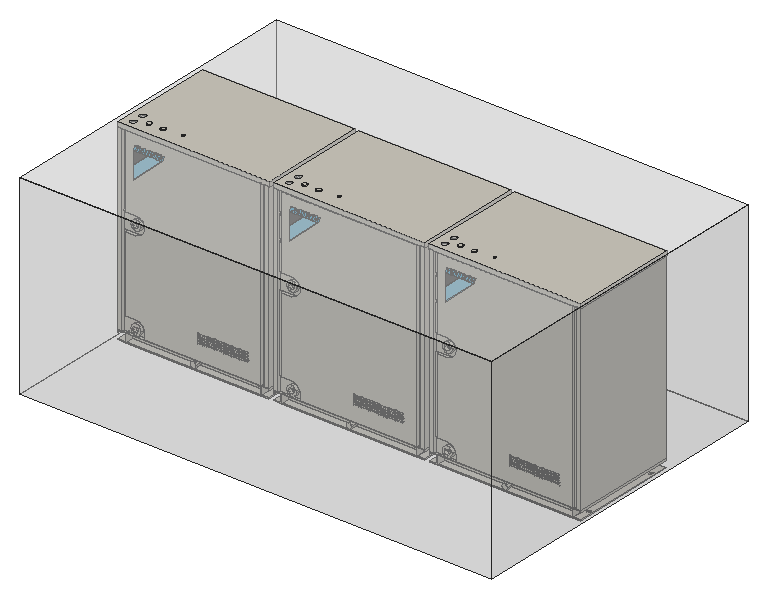
Revit family "outputfile", category 機械設備, Revit 2024
Family settings
  丸型コネクタ寸法 = 半径を使用
  種別 = なし
  パーツ タイプ = 標準
  OmniClass 番号 = 23.75.10.24.21.27.27
  OmniClass タイトル = Split System Air Conditioning Units
  作業面ベース = いいえ
  常に垂直 = はい
  ロード時にボイドで切り取り = いいえ
  注釈の向きを維持 = いいえ
  共有 = いいえ
  部屋計算ポイント = いいえ
Parameters (values of type "RWEYQ34TY1S")
  製造元 = "Daikin"
  書き出し IFC クラス(タイプ) = "IfcUnitaryEquipmentType"
  定義済み IFC タイプ(タイプ) = "AIRCONDITIONINGUNIT"
  モデル = "RWEYQ34TY1S"
  w_unit3 = 780.0 mm
  w_unit2 = 780.0 mm
  w_unit1 = 780.0 mm
  switch_unit3_6-8 [instance] = if(Reverse_ModuleSequence, if(default_unit1 = 1, 1 = 1, 1 = 0), if(default_unit3 = 1, 1 = 1, 1 = 0))  # no
  switch_unit3_12 [instance] = if(Reverse_ModuleSequence, if(default_unit1 = 3, 1 = 1, 1 = 0), if(default_unit3 = 3, 1 = 1, 1 = 0))  # no
  switch_unit3_10 [instance] = if(Reverse_ModuleSequence, if(default_unit1 = 2, 1 = 1, 1 = 0), if(default_unit3 = 2, 1 = 1, 1 = 0))  # yes
  switch_unit2_6-8 [instance] = if(default_unit2 = 1, 1 = 1, 1 = 0)  # no
  switch_unit2_12 [instance] = if(default_unit2 = 3, 1 = 1, 1 = 0)  # yes
  switch_unit2_10 [instance] = if(default_unit2 = 2, 1 = 1, 1 = 0)  # no
  switch_unit1_6-8 [instance] = if(Reverse_ModuleSequence, if(default_unit3 = 1, 1 = 1, 1 = 0), if(default_unit1 = 1, 1 = 1, 1 = 0))  # no
  switch_unit1_12 [instance] = if(Reverse_ModuleSequence, if(default_unit3 = 3, 1 = 1, 1 = 0), if(default_unit1 = 3, 1 = 1, 1 = 0))  # yes
  switch_unit1_10 [instance] = if(Reverse_ModuleSequence, if(default_unit3 = 2, 1 = 1, 1 = 0), if(default_unit1 = 2, 1 = 1, 1 = 0))  # no
  default_Water Outlet Pipe Connection_Unit 3 = 31.8 mm
  default_Water Outlet Pipe Connection_Unit 2 = 31.8 mm
  default_Water Outlet Pipe Connection_Unit 1 = 31.8 mm
  default_Water Inlet Pipe Connection_Unit 3 = 31.8 mm
  default_Water Inlet Pipe Connection_Unit 2 = 31.8 mm
  default_Water Inlet Pipe Connection_Unit 1 = 31.8 mm
  angle_Drain [instance] = if(Rear Connection_Drain, 180.00°, 0.00°)  # 0.00°
  r_Water Outlet Pipe Connection_unit3 [instance] = Water Outlet Pipe Connection_Unit3 / 2  # 15.9 mm
  r_Water Outlet Pipe Connection_unit2 [instance] = Water Outlet Pipe Connection_Unit2 / 2  # 15.9 mm
  r_Water Outlet Pipe Connection_unit1 [instance] = Water Outlet Pipe Connection_Unit1 / 2  # 15.9 mm
  r_Water Inlet Pipe Connection_unit3 [instance] = Water Inlet Pipe Connection_Unit3 / 2  # 15.9 mm
  r_Water Inlet Pipe Connection_unit2 [instance] = Water Inlet Pipe Connection_Unit2 / 2  # 15.9 mm
  r_Water Inlet Pipe Connection_unit1 [instance] = Water Inlet Pipe Connection_Unit1 / 2  # 15.9 mm
  r_Liquid Pipe Size_unit3 [instance] = Liquid Pipe Size_Unit 3 / 2  # 4.75 mm
  r_Liquid Pipe Size_unit2 [instance] = Liquid Pipe Size_Unit 2 / 2  # 6.35 mm
  r_HP/LP Gas Pipe Size_unit3 [instance] = [HP/LP Gas Pipe Size_Unit 3] / 2  # 11.1 mm
  r_HP/LP Gas Pipe Size_unit2 [instance] = [HP/LP Gas Pipe Size_Unit 2] / 2  # 11.1 mm
  r_HP/LP Gas Pipe Size_unit1 [instance] = [HP/LP Gas Pipe Size_Unit 1] / 2  # 11.1 mm
  r_Gas Pipe Size_unit3 [instance] = Gas Pipe Size_Unit 3 / 2  # 11.1 mm
  r_Gas Pipe Size_unit2 [instance] = Gas Pipe Size_Unit 2 / 2  # 11.1 mm
  r_Drain Pipe Size = Drain Pipe Size / 2  # 6.35 mm
  lw_powersupply3 = 51.0 mm
  lw_powersupply2 = 51.0 mm
  lw_liquidpipe3 = 274.0 mm
  lw_liquidpipe2 = 274.0 mm
  lw_gaspipe3 [instance] = if(Heat Pump, 107.0 mm, 178.0 mm)  # 107.0 mm
  lw_gaspipe2 [instance] = if(Heat Pump, 107.0 mm, 178.0 mm)  # 107.0 mm
  lw_Water Outlet3 = 95.0 mm
  lw_Water Outlet2 = 95.0 mm
  lw_Water Outlet1 = 95.0 mm
  lw_Water Inlet3 = 95.0 mm
  lw_Water Inlet2 = 95.0 mm
  lw_Water Inlet1 = 95.0 mm
  lw_HP/LP Gas Pipe3 [instance] = if(Heat Pump, 178.0 mm, 107.0 mm)  # 178.0 mm
  lw_HP/LP Gas Pipe2 [instance] = if(Heat Pump, 178.0 mm, 107.0 mm)  # 178.0 mm
  lw_HP/LP Gas Pipe1 [instance] = if(Heat Pump, 178.0 mm, 107.0 mm)  # 178.0 mm
  lw_Drain3 = 390.0 mm
  lw_Drain2 = 390.0 mm
  lw_Drain1 = 390.0 mm
  ld_HP/LP Gas Pipe = 69.0 mm
  h_mountinghole = [h_***] + 2.3 mm  # 2.3 mm
  r_Liquid Pipe Size_unit1 [instance] = Liquid Pipe Size_Unit 1 / 2  # 6.35 mm
  r_Gas Pipe Size_unit1 [instance] = Gas Pipe Size_Unit 1 / 2  # 11.1 mm
  distance_unit2-3 [instance] = 20.0 mm
  distance_unit1-2 [instance] = 20.0 mm
  default_unit3 = 2
  default_unit2 = 3
  default_unit1 = 3
  default_Model_Unit 3 = "RWEYQ10TY1S"
  default_Model_Unit 2 = "RWEYQ12TY1S"
  default_Model_Unit 1 = "RWEYQ12TY1S"
  default_Liquid Pipe Size_Unit 3 = 9.5 mm
  default_Liquid Pipe Size_Unit 2 = 12.7 mm
  default_Liquid Pipe Size_Unit 1 = 12.7 mm
  default_HP/LP Gas Pipe Size_Unit 3 [instance] = if(and(Heat Pump, [switch_unit3_6-8]), 19.1 mm, if(and(Heat Pump, switch_unit3_10), 22.2 mm, if(and(Heat Pump, switch_unit3_12), 22.2 mm, if(and(Heat Recovery, [switch_unit3_6-8]), 15.9 mm, if(and(Heat Recovery, switch_unit3_10), 19.1 mm, if(and(Heat Recovery, switch_unit3_12), 19.1 mm, 19.1 mm))))))  # 22.2 mm
  default_HP/LP Gas Pipe Size_Unit 2 [instance] = if(and(Heat Pump, [switch_unit2_6-8]), 19.1 mm, if(and(Heat Pump, switch_unit2_10), 22.2 mm, if(and(Heat Pump, switch_unit2_12), 22.2 mm, if(and(Heat Recovery, [switch_unit2_6-8]), 15.9 mm, if(and(Heat Recovery, switch_unit2_10), 19.1 mm, if(and(Heat Recovery, switch_unit2_12), 19.1 mm, 19.1 mm))))))  # 22.2 mm
  default_HP/LP Gas Pipe Size_Unit 1 [instance] = if(and(Heat Pump, [switch_unit1_6-8]), 19.1 mm, if(and(Heat Pump, switch_unit1_10), 22.2 mm, if(and(Heat Pump, switch_unit1_12), 22.2 mm, if(and(Heat Recovery, [switch_unit1_6-8]), 15.9 mm, if(and(Heat Recovery, switch_unit1_10), 19.1 mm, if(and(Heat Recovery, switch_unit1_12), 19.1 mm, 19.1 mm))))))  # 22.2 mm
  default_Gas Pipe Size_Unit 3 = 22.2 mm
  default_Gas Pipe Size_Unit 2 = 22.2 mm
  default_Gas Pipe Size_Unit 1 = 22.2 mm
  Water Outlet Pipe Connection_Unit3 [instance] = if(Reverse_ModuleSequence, default_Water Outlet Pipe Connection_Unit 1, default_Water Outlet Pipe Connection_Unit 3)  # 31.8 mm
  Water Outlet Pipe Connection_Unit2 [instance] = if(Reverse_ModuleSequence, default_Water Inlet Pipe Connection_Unit 2, default_Water Inlet Pipe Connection_Unit 2)  # 31.8 mm
  Water Outlet Pipe Connection_Unit1 [instance] = if(Reverse_ModuleSequence, default_Water Outlet Pipe Connection_Unit 3, default_Water Outlet Pipe Connection_Unit 1)  # 31.8 mm
  Water Inlet Pipe Connection_Unit3 [instance] = if(Reverse_ModuleSequence, default_Water Inlet Pipe Connection_Unit 1, default_Water Inlet Pipe Connection_Unit 3)  # 31.8 mm
  Water Inlet Pipe Connection_Unit2 [instance] = if(Reverse_ModuleSequence, default_Water Outlet Pipe Connection_Unit 2, default_Water Outlet Pipe Connection_Unit 2)  # 31.8 mm
  Water Inlet Pipe Connection_Unit1 [instance] = if(Reverse_ModuleSequence, default_Water Inlet Pipe Connection_Unit 3, default_Water Inlet Pipe Connection_Unit 1)  # 31.8 mm
  Voltage_comment_50Hz = "380-415"
  Voltage_50Hz = 400 V
  Top Connection_powersupply2 [instance] = not(Top Connection_powersupply1)  # no
  Sound Power Level (dB) = 77
  Reverse_ModuleSequence [instance] = no
  Rear Connection_Drain [instance] = not(Front Connection_Drain)  # no
  Power Input (Heating) = 21.300 kW
  Phase_50Hz = 3
  Nominal Heating Capacity = 107.000 kW
  Model_Unit 3 [instance] = if(Reverse_ModuleSequence, default_Model_Unit 1, default_Model_Unit 3)  # "RWEYQ10TY1S"
  Model_Unit 2 [instance] = if(Reverse_ModuleSequence, default_Model_Unit 2, default_Model_Unit 2)  # "RWEYQ12TY1S"
  Model_Unit 1 [instance] = if(Reverse_ModuleSequence, default_Model_Unit 3, default_Model_Unit 1)  # "RWEYQ12TY1S"
  Minimum Circuit Amps_50Hz = 40.9 A
  Maximum Fuse Amps_50Hz = 45.0 A
  Material_Heat Exchanger = DAIKIN_Blue_HE_outdoorunit
  Material_Casing = DAIKIN_IvoryWhite_Casing_outdoorunit
  lw_powersupply1 = 51.0 mm
  lw_liquidpipe1 = 274.0 mm
  lw_gaspipe1 [instance] = if(Heat Pump, 107.0 mm, 178.0 mm)  # 107.0 mm
  lh_powersupply = 940.0 mm
  ld_powersupply [instance] = if(Top Connection_powersupply1, 38.0 mm, 98.0 mm)  # 38.0 mm
  ld_liquidpipe = 79.0 mm
  ld_gaspipe = 69.0 mm
  h_*** = 0.0 mm
  Width [instance] = [distance_unit1-2] + [distance_unit2-3] + w_unit1 + w_unit2 + w_unit3  # 2380.0 mm
  Version = "ver.1.0"
  Unit Type = ""
  Unit Mass Weight = 441.00 kg
  Unit Designation [instance] = ""
  Uniclass2015Version = "Products v1.30"
  Uniclass2015Title = "Variable refrigerant flow units"
  Uniclass2015Code = "Pr_70_65_03_94"
  Total Cooling Capacity [instance] = 0.000 kW
  Sound Pressure Level (dBA) = 57
  Series = "VRV Heat Recovery"
  Refrigerant_Base Charge = 12.600 kg
  Refrigerant_Additional Charge [instance] = 0.000 kg
  Refrigerant Type = "R410A"
  Power Input (Cooling) = 20.100 kW
  Option Accessory 3 [instance] = ""
  Option Accessory 2 [instance] = ""
  Option Accessory 1 [instance] = ""
  Nominal Cooling Capacity = 95.000 kW
  Load Classification = HVAC
  Liquid Pipe Size_Unit 3 [instance] = if(Reverse_ModuleSequence, default_Liquid Pipe Size_Unit 1, default_Liquid Pipe Size_Unit 3)  # 9.5 mm
  Liquid Pipe Size_Unit 2 [instance] = if(Reverse_ModuleSequence, default_Liquid Pipe Size_Unit 2, default_Liquid Pipe Size_Unit 2)  # 12.7 mm
  Liquid Pipe Size_Unit 1 [instance] = if(Reverse_ModuleSequence, default_Liquid Pipe Size_Unit 3, default_Liquid Pipe Size_Unit 1)  # 12.7 mm
  Link_Nested Family [instance] = ""
  Intermediate Liquid Pipe Size_Unit1-2 = 19.1 mm
  Intermediate HP/LP Gas Pipe Size_Unit1-2 = 22.2 mm
  Intermediate Gas Pipe Size_Unit1-2 = 28.6 mm
  IfcVersion = ""
  IfcExportType = "AIRCONDITIONINGUNIT"
  IfcExportAs = "IfcUnitaryEquipmentType"
  Height = 1000.0 mm
  Heat Recovery [instance] = not(Heat Pump)  # no
  Heat Pump [instance] = yes
  Heat Exchanger Type = "Stainless Steel Plate"
  HP/LP Gas Pipe Size_Unit 3 [instance] = [default_HP/LP Gas Pipe Size_Unit 3]  # 22.2 mm
  HP/LP Gas Pipe Size_Unit 2 [instance] = [default_HP/LP Gas Pipe Size_Unit 2]  # 22.2 mm
  HP/LP Gas Pipe Size_Unit 1 [instance] = [default_HP/LP Gas Pipe Size_Unit 1]  # 22.2 mm
  Gas Pipe Size_Unit 3 [instance] = if(Reverse_ModuleSequence, default_Gas Pipe Size_Unit 1, default_Gas Pipe Size_Unit 3)  # 22.2 mm
  Gas Pipe Size_Unit 2 [instance] = if(Reverse_ModuleSequence, default_Gas Pipe Size_Unit 2, default_Gas Pipe Size_Unit 2)  # 22.2 mm
  Gas Pipe Size_Unit 1 [instance] = if(Reverse_ModuleSequence, default_Gas Pipe Size_Unit 3, default_Gas Pipe Size_Unit 1)  # 22.2 mm
  Top Connection_powersupply1 [instance] = yes
  Front Connection_Drain [instance] = yes
  Frequency_50Hz = 50 Hz
  Drain Pipe Size = 12.7 mm
  Depth = 550.0 mm
  既定の高さ = 0.0 mm
  Cooling Ambient Wet Bulb Temperature [instance] = 0.00 °C
  Cooling Ambient Dry Bulb Temperature [instance] = 0.00 °C
  Compressor Type = "Hermetically Sealed Scroll Type"
  Clearance visibility [instance] = yes
  Clearance Top = 0.0 mm
  Clearance Right = 20.0 mm
  Clearance Rear = 500.0 mm
  Clearance Left = 20.0 mm
  Clearance Front = 600.0 mm
  Clearance Bottom = 0.0 mm
  CU Tag No. [instance] = ""
Reference planes
  plane 1 "Center (Front/Back)": y = 0
  plane 2 "h_***": z = 0
  plane 3 "Center (Left/Right)": x = 0
  plane 4 "Back": y = 275
  plane 5 "Front": y = -275
  plane 6 "Left": x = -390
  plane 7 "w_unit1": x = 390
  plane 8 "Top": z = 1000
  plane 9 "Clearance Rear": y = 775
  plane 10 "Clearance Front": y = -875
  plane 11 "Clearance Left": x = -410
  plane 12 "Clearance Right": x = 2010
  plane 13 "Clearance Top": z = 1000
  plane 14 "Clearance Bottom": z = 0
  plane 15 "Bottom": z = 0
  plane 16 "lw_powersupply1": x = -339
  plane 17 "ld_powersupply": y = -237
  plane 18 "lw_liquidpipe1": x = -116
  plane 19 "Rear Connection_refrigetant": y = -196
  plane 20 "lw_gaspipe1": x = -283
  plane 21 "ld_gaspipe": y = -206
  plane 22 "lh_logo": z = 900
  plane 23 "lw_logo": x = 100
  plane 24 "lh_powersupply": z = 940
  plane 25 "lw_HP/LP Gas Pipe1": x = -212
  plane 26 "ld_HP/LP Gas Pipe": y = -206
  plane 27 "l_unit2": x = 410
  plane 28 "w_unit2": x = 1190
  plane 29 "lw_powersupply2": x = 461
  plane 30 "lw_liquidpipe2": x = 684
  plane 31 "lw_gaspipe2": x = 517
  plane 32 "lw_HP/LP Gas Pipe2": x = 588
  plane 33 "Right": x = 1990
  plane 34 "叴": x = 1210
  plane 35 "叵": x = 1261
  plane 36 "叶": x = 1484
  plane 37 "号": x = 1317
  plane 38 "司": x = 1388
  plane 39 "lw_Water Inlet1": x = -295
  plane 40 "lw_Water Inlet2": x = 505
  plane 41 "lw_Water Inlet3": x = 1305
  plane 42 "lw_Water Outlet1": x = -295
  plane 43 "lw_Water Outlet2": x = 505
  plane 44 "lw_Water Outlet3": x = 1305
  plane 45 "lw_Drain1": x = 0
  plane 46 "lw_Drain2": x = 800
  plane 47 "lw_Drain3": x = 1600
Dimensions and locks
  equal spacing: plane 4 "Back", plane 1 "Center (Front/Back)", plane 5 "Front"
  "Depth": plane 4 "Back" to plane 5 "Front"
  equal spacing: plane 6 "Left", plane 3 "Center (Left/Right)", plane 7 "w_unit1"
  "w_unit1": plane 6 "Left" to plane 7 "w_unit1"
  "Clearance Rear": plane 9 "Clearance Rear" to plane 4 "Back"
  "Clearance Front": plane 10 "Clearance Front" to plane 5 "Front"
  "Clearance Left": plane 11 "Clearance Left" to plane 6 "Left"
  "Clearance Top": plane 13 "Clearance Top" to plane 8 "Top"
  "h_***": plane 15 "Bottom" to plane 2 "h_***"
  "Height": plane 8 "Top" to plane 15 "Bottom"
  "Clearance Bottom": plane 15 "Bottom" to plane 14 "Clearance Bottom"
  "ld_powersupply": plane 17 "ld_powersupply" to plane 5 "Front"
  "ld_liquidpipe": plane 19 "Rear Connection_refrigetant" to plane 5 "Front"
  "ld_gaspipe": plane 21 "ld_gaspipe" to plane 5 "Front"
  locked: plane 23 "lw_logo" to plane 7 "w_unit1" at 290
  locked: plane 22 "lh_logo" to plane 15 "Bottom" at 900
  "lw_gaspipe1": plane 6 "Left" to plane 20 "lw_gaspipe1"
  "lw_liquidpipe1": plane 6 "Left" to plane 18 "lw_liquidpipe1"
  "lw_powersupply1": plane 6 "Left" to plane 16 "lw_powersupply1"
  "lh_powersupply": plane 24 "lh_powersupply" to plane 15 "Bottom"
  "lw_HP/LP Gas Pipe1": plane 6 "Left" to plane 25 "lw_HP/LP Gas Pipe1"
  "ld_HP/LP Gas Pipe": plane 26 "ld_HP/LP Gas Pipe" to plane 5 "Front"
  "distance_unit1-2": plane 7 "w_unit1" to plane 27 "l_unit2"
  "lw_powersupply2": plane 27 "l_unit2" to plane 29 "lw_powersupply2"
  "lw_HP/LP Gas Pipe2": plane 27 "l_unit2" to plane 32 "lw_HP/LP Gas Pipe2"
  "lw_gaspipe2": plane 27 "l_unit2" to plane 31 "lw_gaspipe2"
  "lw_liquidpipe2": plane 27 "l_unit2" to plane 30 "lw_liquidpipe2"
  "w_unit2": plane 27 "l_unit2" to plane 28 "w_unit2"
  "distance_unit2-3": plane 28 "w_unit2" to plane 34 "叴"
  "Width": plane 6 "Left" to plane 33 "Right"
  "Clearance Right": plane 33 "Right" to plane 12 "Clearance Right"
  "lw_powersupply3": plane 34 "叴" to plane 35 "叵"
  "lw_HP/LP Gas Pipe3": plane 34 "叴" to plane 38 "司"
  "lw_gaspipe3": plane 34 "叴" to plane 37 "号"
  "lw_liquidpipe3": plane 34 "叴" to plane 36 "叶"
  "lw_Water Inlet1": plane 6 "Left" to plane 39 "lw_Water Inlet1"
  "lw_Water Inlet2": plane 27 "l_unit2" to plane 40 "lw_Water Inlet2"
  "lw_Water Inlet3": plane 34 "叴" to plane 41 "lw_Water Inlet3"
  "lw_Water Outlet1": plane 6 "Left" to plane 42 "lw_Water Outlet1"
  "lw_Water Outlet2": plane 27 "l_unit2" to plane 43 "lw_Water Outlet2"
  "lw_Water Outlet3": plane 34 "叴" to plane 44 "lw_Water Outlet3"
  "lw_Drain1": plane 6 "Left" to plane 45 "lw_Drain1"
  "lw_Drain2": plane 27 "l_unit2" to plane 46 "lw_Drain2"
  "lw_Drain3": plane 34 "叴" to plane 47 "lw_Drain3"
  aligned and locked: level to plane 2 "h_***"
  aligned and locked: nested 2 to plane 9 "Clearance Rear"
  aligned and locked: nested 2 to plane 10 "Clearance Front"
  aligned and locked: plane 11 "Clearance Left" to nested 2
  aligned and locked: plane 12 "Clearance Right" to nested 2
  aligned and locked: nested 2 to plane 13 "Clearance Top"
  aligned and locked: nested 2 to plane 14 "Clearance Bottom"
  aligned and locked: plane 8 "Top" to nested 1
  aligned and locked: plane 22 "lh_logo" to nested 7
  aligned and locked: nested 8 to plane 16 "lw_powersupply1"
  aligned and locked: nested 9 to plane 20 "lw_gaspipe1"
  aligned and locked: nested 10 to plane 18 "lw_liquidpipe1"
  aligned and locked: nested 10 to plane 19 "Rear Connection_refrigetant"
  aligned and locked: nested 9 to plane 21 "ld_gaspipe"
  aligned and locked: nested 8 to plane 17 "ld_powersupply"
  aligned and locked: plane 5 "Front" to nested 7
  aligned and locked: plane 24 "lh_powersupply" to nested 8
  aligned and locked: plane 27 "l_unit2" to nested 11
  aligned and locked: nested 17 to plane 29 "lw_powersupply2"
  aligned and locked: nested 17 to plane 17 "ld_powersupply"
  aligned and locked: nested 18 to plane 31 "lw_gaspipe2"
  aligned and locked: nested 18 to plane 26 "ld_HP/LP Gas Pipe"
  aligned and locked: plane 1 "Center (Front/Back)" to nested 20
  aligned and locked: plane 34 "叴" to nested 20
  aligned and locked: nested 27 to plane 35 "叵"
  aligned and locked: nested 28 to plane 37 "号"
  aligned and locked: nested 26 to plane 36 "叶"
  aligned and locked: plane 17 "ld_powersupply" to nested 27
  aligned and locked: plane 21 "ld_gaspipe" to nested 28
  aligned and locked: plane 19 "Rear Connection_refrigetant" to nested 26
  aligned and locked: nested 27 to plane 24 "lh_powersupply"
  aligned and locked: plane 39 "lw_Water Inlet1" to nested 29
  aligned and locked: plane 40 "lw_Water Inlet2" to nested 30
  aligned and locked: plane 41 "lw_Water Inlet3" to nested 31
  aligned and locked: plane 42 "lw_Water Outlet1" to nested 32
  aligned and locked: plane 43 "lw_Water Outlet2" to nested 33
  aligned and locked: plane 44 "lw_Water Outlet3" to nested 34
  aligned and locked: plane 45 "lw_Drain1" to nested 35
  aligned and locked: plane 46 "lw_Drain2" to nested 36
  aligned and locked: plane 47 "lw_Drain3" to nested 37
  aligned and locked: plane 1 "Center (Front/Back)" to nested 29
  aligned and locked: plane 1 "Center (Front/Back)" to nested 32
  aligned and locked: plane 1 "Center (Front/Back)" to nested 31
  aligned and locked: plane 1 "Center (Front/Back)" to nested 30
  aligned and locked: plane 1 "Center (Front/Back)" to nested 33
  aligned and locked: plane 1 "Center (Front/Back)" to nested 35
  aligned and locked: plane 1 "Center (Front/Back)" to nested 34
  aligned and locked: plane 1 "Center (Front/Back)" to nested 37
  aligned and locked: plane 1 "Center (Front/Back)" to nested 36
  aligned and locked: plane 25 "lw_HP/LP Gas Pipe1" to nested 38
  aligned and locked: plane 32 "lw_HP/LP Gas Pipe2" to nested 39
  aligned and locked: plane 38 "司" to nested 40
  aligned and locked: nested 38 to plane 26 "ld_HP/LP Gas Pipe"
  aligned and locked: nested 39 to plane 26 "ld_HP/LP Gas Pipe"
  aligned and locked: plane 26 "ld_HP/LP Gas Pipe" to nested 40
Nested families
  nested 1: "DAIKIN_outdoorunit_RWEYQ-TY1S" at (-31, 0, 0), h_*** <- "h_***", Link_Nest <- "Link_Nested Family", h_mountinghole <- "h_mountinghole", Width <- "w_unit1", switch_unit1_6-8 <- "switch_unit1_6-8", switch_unit1_10 <- "switch_unit1_10", switch_unit1_12 <- "switch_unit1_12", type "RWEYQ-TY1S"
    with switch_unit1_6-8 no, switch_unit1_12 yes, switch_unit1_10 no, show_fixedhole yes, h_mountinghole 2.3 mm, h_antenna_mountinghole 998.7 mm, h_*** 0.0 mm, array_bolt 5, Width 780.0 mm, Liquid Pipe Size_Unit 1 12.7 mm, Link_Nest "", HP/LP Pipe Size_Unit 1 22.2 mm, Gas Pipe Size_Unit 1 22.2 mm
  nested 2: "daikin_clearancespace" at (800, -50, 500.119), visible <- "Clearance visibility", show <- "Clearance visibility", Link_Nested Family <- "Link_Nested Family", type "daikin_clearancespace"
    with width 2420.0 mm, show yes, height 1000.0 mm, depth 1650.0 mm, Link_Nested Family ""
  nested 3: "daikin_mountinghole" at (-372, 200, 0), type "daikin_mountinghole"
    with show yes, l_antenna 998.7 mm, h_mountinghole 2.3 mm, Link_Nested Family ""
  nested 4: "daikin_mountinghole" at (372, 200, 0), type "daikin_mountinghole"
    with show yes, l_antenna 998.7 mm, h_mountinghole 2.3 mm, Link_Nested Family ""
  nested 5: "daikin_mountinghole" at (-372, -200, 0), type "daikin_mountinghole"
    with show yes, l_antenna 998.7 mm, h_mountinghole 2.3 mm, Link_Nested Family ""
  nested 6: "daikin_mountinghole" at (372, -200, 0), type "daikin_mountinghole"
    with show yes, l_antenna 998.7 mm, h_mountinghole 2.3 mm, Link_Nested Family ""
  nested 7: "daikin_logo_elevation_w150" at (-212.5, -275, 744.568), type "daikin_logo_elevation_w150"
    with show_logo yes
  nested 8: "daikin_connector_rotate3" at (-339, -237, 940) x (-1, 0, 0) z (0, 0, -1), type "daikin_connector_rotate3"
    with show no, radius 10.0 mm, length 60.0 mm, angle_vertical 0.00°, angle_horizontal 0.00°
  nested 9: "daikin_connector_rotate3" at (-283, -206, 940) x (-1, 0, 0) z (0, 0, -1), radius <- "r_Gas Pipe Size_unit1", type "daikin_connector_rotate3"
    with show no, radius 11.1 mm, length 60.0 mm, angle_vertical 0.00°, angle_horizontal 0.00°
  nested 10: "daikin_connector_rotate3" at (-116, -196, 940) x (-1, 0, 0) z (0, 0, -1), radius <- "r_Liquid Pipe Size_unit1", type "daikin_connector_rotate3"
    with show no, radius 6.35 mm, length 60.0 mm, angle_vertical 0.00°, angle_horizontal 0.00°
  nested 11: "DAIKIN_outdoorunit_RWEYQ-TY1S" at (769, 0, 0), Width <- "w_unit2", switch_unit1_6-8 <- "switch_unit2_6-8", switch_unit1_10 <- "switch_unit2_10", switch_unit1_12 <- "switch_unit2_12", type "RWEYQ-TY1S"
    with switch_unit1_6-8 no, switch_unit1_12 yes, switch_unit1_10 no, show_fixedhole yes, h_mountinghole 2.3 mm, h_antenna_mountinghole 998.7 mm, h_*** 0.0 mm, array_bolt 5, Width 780.0 mm, Liquid Pipe Size_Unit 1 12.7 mm, Link_Nest "", HP/LP Pipe Size_Unit 1 22.2 mm, Gas Pipe Size_Unit 1 22.2 mm
  nested 12: "daikin_mountinghole" at (428, 200, 0), type "daikin_mountinghole"
    with show yes, l_antenna 998.7 mm, h_mountinghole 2.3 mm, Link_Nested Family ""
  nested 13: "daikin_mountinghole" at (1172, 200, 0), type "daikin_mountinghole"
    with show yes, l_antenna 998.7 mm, h_mountinghole 2.3 mm, Link_Nested Family ""
  nested 14: "daikin_mountinghole" at (428, -200, 0), type "daikin_mountinghole"
    with show yes, l_antenna 998.7 mm, h_mountinghole 2.3 mm, Link_Nested Family ""
  nested 15: "daikin_mountinghole" at (1172, -200, 0), type "daikin_mountinghole"
    with show yes, l_antenna 998.7 mm, h_mountinghole 2.3 mm, Link_Nested Family ""
  nested 16: "daikin_connector_rotate3" at (684, -196, 940) x (-1, 0, 0) z (0, 0, -1), radius <- "r_Liquid Pipe Size_unit2", type "daikin_connector_rotate3"
    with show no, radius 6.35 mm, length 60.0 mm, angle_vertical 0.00°, angle_horizontal 0.00°
  nested 17: "daikin_connector_rotate3" at (461, -237, 940) x (-1, 0, 0) z (0, 0, -1), type "daikin_connector_rotate3"
    with show no, radius 10.0 mm, length 60.0 mm, angle_vertical 0.00°, angle_horizontal 0.00°
  nested 18: "daikin_connector_rotate3" at (517, -206, 940) x (-1, 0, 0) z (0, 0, -1), radius <- "r_Gas Pipe Size_unit2", type "daikin_connector_rotate3"
    with show no, radius 11.1 mm, length 60.0 mm, angle_vertical 0.00°, angle_horizontal 0.00°
  nested 19: "daikin_logo_elevation_w150" at (587.5, -275, 744.568), type "daikin_logo_elevation_w150"
    with show_logo yes
  nested 20: "DAIKIN_outdoorunit_RWEYQ-TY1S" at (1569, 0, 0), switch_unit1_6-8 <- "switch_unit3_6-8", switch_unit1_10 <- "switch_unit3_10", switch_unit1_12 <- "switch_unit3_12", Width <- "w_unit3", type "RWEYQ-TY1S"
    with switch_unit1_6-8 no, switch_unit1_12 no, switch_unit1_10 yes, show_fixedhole yes, h_mountinghole 2.3 mm, h_antenna_mountinghole 998.7 mm, h_*** 0.0 mm, array_bolt 5, Width 780.0 mm, Liquid Pipe Size_Unit 1 9.5 mm, Link_Nest "", HP/LP Pipe Size_Unit 1 22.2 mm, Gas Pipe Size_Unit 1 22.2 mm
  nested 21: "daikin_mountinghole" at (1228, 200, 0), type "daikin_mountinghole"
    with show yes, l_antenna 998.7 mm, h_mountinghole 2.3 mm, Link_Nested Family ""
  nested 22: "daikin_mountinghole" at (1972, 200, 0), type "daikin_mountinghole"
    with show yes, l_antenna 998.7 mm, h_mountinghole 2.3 mm, Link_Nested Family ""
  nested 23: "daikin_mountinghole" at (1228, -200, 0), type "daikin_mountinghole"
    with show yes, l_antenna 998.7 mm, h_mountinghole 2.3 mm, Link_Nested Family ""
  nested 24: "daikin_mountinghole" at (1972, -200, 0), type "daikin_mountinghole"
    with show yes, l_antenna 998.7 mm, h_mountinghole 2.3 mm, Link_Nested Family ""
  nested 25: "daikin_logo_elevation_w150" at (1387.5, -275, 744.568), type "daikin_logo_elevation_w150"
    with show_logo yes
  nested 26: "daikin_connector_rotate3" at (1484, -196, 940) x (-1, 0, 0) z (0, 0, -1), radius <- "r_Liquid Pipe Size_unit3", type "daikin_connector_rotate3"
    with show no, radius 4.75 mm, length 60.0 mm, angle_vertical 0.00°, angle_horizontal 0.00°
  nested 27: "daikin_connector_rotate3" at (1261, -237, 940) x (-1, 0, 0) z (0, 0, -1), type "daikin_connector_rotate3"
    with show no, radius 10.0 mm, length 60.0 mm, angle_vertical 0.00°, angle_horizontal 0.00°
  nested 28: "daikin_connector_rotate3" at (1317, -206, 940) x (-1, 0, 0) z (0, 0, -1), radius <- "r_Gas Pipe Size_unit3", type "daikin_connector_rotate3"
    with show no, radius 11.1 mm, length 60.0 mm, angle_vertical 0.00°, angle_horizontal 0.00°
  nested 29: "daikin_connector_rotate3" at (-295, 0, 76), radius <- "r_Water Inlet Pipe Connection_unit1", type "daikin_connector_rotate3"
    with show no, radius 15.9 mm, length 275.0 mm, angle_vertical 90.00°, angle_horizontal 0.00°
  nested 30: "daikin_connector_rotate3" at (505, 0, 76), radius <- "r_Water Inlet Pipe Connection_unit2", type "daikin_connector_rotate3"
    with show no, radius 15.9 mm, length 275.0 mm, angle_vertical 90.00°, angle_horizontal 0.00°
  nested 31: "daikin_connector_rotate3" at (1305, 0, 76), radius <- "r_Water Inlet Pipe Connection_unit3", type "daikin_connector_rotate3"
    with show no, radius 15.9 mm, length 275.0 mm, angle_vertical 90.00°, angle_horizontal 0.00°
  nested 32: "daikin_connector_rotate3" at (-295, 0, 556), radius <- "r_Water Outlet Pipe Connection_unit1", type "daikin_connector_rotate3"
    with show no, radius 15.9 mm, length 275.0 mm, angle_vertical 90.00°, angle_horizontal 0.00°
  nested 33: "daikin_connector_rotate3" at (505, 0, 556), radius <- "r_Water Outlet Pipe Connection_unit2", type "daikin_connector_rotate3"
    with show no, radius 15.9 mm, length 275.0 mm, angle_vertical 90.00°, angle_horizontal 0.00°
  nested 34: "daikin_connector_rotate3" at (1305, 0, 556), radius <- "r_Water Outlet Pipe Connection_unit3", type "daikin_connector_rotate3"
    with show no, radius 15.9 mm, length 275.0 mm, angle_vertical 90.00°, angle_horizontal 0.00°
  nested 35: "daikin_connector_rotate3" at (0, 0, 19), angle_horizontal <- "angle_Drain", radius <- "r_Drain Pipe Size", type "daikin_connector_rotate3"
    with show no, radius 6.35 mm, length 275.0 mm, angle_vertical 90.00°, angle_horizontal 0.00°
  nested 36: "daikin_connector_rotate3" at (800, 0, 19), angle_horizontal <- "angle_Drain", radius <- "r_Drain Pipe Size", type "daikin_connector_rotate3"
    with show no, radius 6.35 mm, length 275.0 mm, angle_vertical 90.00°, angle_horizontal 0.00°
  nested 37: "daikin_connector_rotate3" at (1600, 0, 19), angle_horizontal <- "angle_Drain", radius <- "r_Drain Pipe Size", type "daikin_connector_rotate3"
    with show no, radius 6.35 mm, length 275.0 mm, angle_vertical 90.00°, angle_horizontal 0.00°
  nested 38: "daikin_connector_rotate3" at (-212, -206, 940) x (1, 0, 0) z (0, 0, -1), radius <- "r_HP/LP Gas Pipe Size_unit1", type "daikin_connector_rotate3"
    with show no, radius 11.1 mm, length 60.0 mm, angle_vertical 0.00°, angle_horizontal 0.00°
  nested 39: "daikin_connector_rotate3" at (588, -206, 940) x (1, 0, 0) z (0, 0, -1), radius <- "r_HP/LP Gas Pipe Size_unit2", type "daikin_connector_rotate3"
    with show no, radius 11.1 mm, length 60.0 mm, angle_vertical 0.00°, angle_horizontal 0.00°
  nested 40: "daikin_connector_rotate3" at (1388, -206, 940) x (1, 0, 0) z (0, 0, -1), radius <- "r_HP/LP Gas Pipe Size_unit3", type "daikin_connector_rotate3"
    with show no, radius 11.1 mm, length 60.0 mm, angle_vertical 0.00°, angle_horizontal 0.00°
Connectors
  piping at (-116, -196, 1000), diameter 12.7, driven by "r_Liquid Pipe Size_unit1"
    settings: on nested 10, index 12, connector inside diameter 609.6 mm, connector length 0.0 mm, flow factor 0, pipe flow 0.00 m³/h, pressure drop 0.0 Pa, fitting loss kfactor 0, connector angle 0.00°, fixture units 0, engagement length 0.0 mm, angle of deflection 0.00°, flow configuration 0, flow direction 2, fitting loss method 0, system type 29, joint type 0, gender type 0, connector reference index -1, connector utility 0, adjustable connector no, is connector primary no, connector description "Refrigerant Liquid Piping1"
  electrical at (-339, -237, 1000), driven by "Load Classification"
    settings: on nested 8, index 13, voltage 0 V, apparent load 0 VA, apparent load phase1 0 VA, apparent load phase2 0 VA, apparent load phase3 0 VA, power factor 1, load classification "HVAC", number of poles 1, system type 30, power factor state 1, is connector primary yes, connector utility no, sub classification motor no, connector description "Power Supply1"
  piping at (684, -196, 1000), diameter 12.7, driven by "r_Liquid Pipe Size_unit2"
    settings: on nested 16, index 15, connector inside diameter 609.6 mm, connector length 0.0 mm, flow factor 0, pipe flow 0.00 m³/h, pressure drop 0.0 Pa, fitting loss kfactor 0, connector angle 0.00°, fixture units 0, engagement length 0.0 mm, angle of deflection 0.00°, flow configuration 0, flow direction 2, fitting loss method 0, system type 29, joint type 0, gender type 0, connector reference index -1, connector utility 0, adjustable connector no, is connector primary no, connector description "Refrigerant Liquid Piping2"
  electrical at (461, -237, 1000), driven by "Load Classification"
    settings: on nested 17, index 17, voltage 0 V, apparent load 0 VA, apparent load phase1 0 VA, apparent load phase2 0 VA, apparent load phase3 0 VA, power factor 1, load classification "HVAC", number of poles 1, system type 30, power factor state 1, is connector primary no, connector utility no, sub classification motor no, connector description "Power Supply2"
  piping at (1484, -196, 1000), diameter 9.5, driven by "r_Liquid Pipe Size_unit3"
    settings: on nested 26, index 19, connector inside diameter 609.6 mm, connector length 0.0 mm, flow factor 0, pipe flow 0.00 m³/h, pressure drop 0.0 Pa, fitting loss kfactor 0, connector angle 0.00°, fixture units 0, engagement length 0.0 mm, angle of deflection 0.00°, flow configuration 0, flow direction 2, fitting loss method 0, system type 29, joint type 0, gender type 0, connector reference index -1, connector utility 0, adjustable connector no, is connector primary no, connector description "Refrigerant Liquid Piping3"
  piping at (1317, -206, 1000), diameter 22.2, driven by "r_Gas Pipe Size_unit3"
    settings: on nested 28, index 20, connector inside diameter 609.6 mm, connector length 0.0 mm, flow factor 0, pipe flow 0.00 m³/h, pressure drop 0.0 Pa, fitting loss kfactor 0, connector angle 0.00°, fixture units 0, engagement length 0.0 mm, angle of deflection 0.00°, flow configuration 0, flow direction 1, fitting loss method 0, system type 29, joint type 0, gender type 0, connector reference index -1, connector utility 0, adjustable connector no, is connector primary no, connector description "Refrigerant Gas Piping3"
  electrical at (1261, -237, 1000), driven by "Load Classification"
    settings: on nested 27, index 21, voltage 0 V, apparent load 0 VA, apparent load phase1 0 VA, apparent load phase2 0 VA, apparent load phase3 0 VA, power factor 1, load classification "HVAC", number of poles 1, system type 30, power factor state 1, is connector primary no, connector utility no, sub classification motor no, connector description "Power Supply3"
  piping at (-295, -275, 556), diameter 31.8, driven by "r_Water Outlet Pipe Connection_unit1"
    settings: on nested 32, index 24, connector inside diameter 609.6 mm, connector length 0.0 mm, flow factor 0, pipe flow 0.00 m³/h, pressure drop 0.0 Pa, fitting loss kfactor 0, connector angle 0.00°, fixture units 0, engagement length 0.0 mm, angle of deflection 0.00°, flow configuration 1, flow direction 2, fitting loss method 0, system type 8, joint type 0, gender type 0, connector reference index -1, connector utility 0, adjustable connector no, is connector primary no, connector description "Cooling Water Outlet Piping 1"
  piping at (-295, -275, 76), diameter 31.8, driven by "r_Water Inlet Pipe Connection_unit1"
    settings: on nested 29, index 25, connector inside diameter 609.6 mm, connector length 0.0 mm, flow factor 0, pipe flow 0.00 m³/h, pressure drop 0.0 Pa, fitting loss kfactor 0, connector angle 0.00°, fixture units 0, engagement length 0.0 mm, angle of deflection 0.00°, flow configuration 1, flow direction 1, fitting loss method 0, system type 7, joint type 0, gender type 0, connector reference index -1, connector utility 0, adjustable connector no, is connector primary no, connector description "Cooling Water Inlet  Piping 1"
  piping at (0, -275, 19), diameter 12.7, driven by "r_Drain Pipe Size"
    settings: on nested 35, index 26, connector inside diameter 609.6 mm, connector length 0.0 mm, flow factor 0, pipe flow 0.00 m³/h, pressure drop 0.0 Pa, fitting loss kfactor 0, connector angle 0.00°, fixture units 0, engagement length 0.0 mm, angle of deflection 0.00°, flow configuration 1, flow direction 2, fitting loss method 4, system type 16, joint type 0, gender type 0, connector reference index -1, connector utility 0, adjustable connector no, is connector primary no, connector description "Condensate Drain Piping 1"
  piping at (505, -275, 556), diameter 31.8, driven by "r_Water Outlet Pipe Connection_unit2"
    settings: on nested 33, index 27, connector inside diameter 609.6 mm, connector length 0.0 mm, flow factor 0, pipe flow 0.00 m³/h, pressure drop 0.0 Pa, fitting loss kfactor 0, connector angle 0.00°, fixture units 0, engagement length 0.0 mm, angle of deflection 0.00°, flow configuration 1, flow direction 2, fitting loss method 0, system type 8, joint type 0, gender type 0, connector reference index -1, connector utility 0, adjustable connector no, is connector primary no, connector description "Cooling Water Outlet Piping 2"
  piping at (505, -275, 76), diameter 31.8, driven by "r_Water Inlet Pipe Connection_unit2"
    settings: on nested 30, index 28, connector inside diameter 609.6 mm, connector length 0.0 mm, flow factor 0, pipe flow 0.00 m³/h, pressure drop 0.0 Pa, fitting loss kfactor 0, connector angle 0.00°, fixture units 0, engagement length 0.0 mm, angle of deflection 0.00°, flow configuration 1, flow direction 1, fitting loss method 0, system type 7, joint type 0, gender type 0, connector reference index -1, connector utility 0, adjustable connector no, is connector primary no, connector description "Cooling Water Inlet  Piping 2"
  piping at (800, -275, 19), diameter 12.7, driven by "r_Drain Pipe Size"
    settings: on nested 36, index 29, connector inside diameter 609.6 mm, connector length 0.0 mm, flow factor 0, pipe flow 0.00 m³/h, pressure drop 0.0 Pa, fitting loss kfactor 0, connector angle 0.00°, fixture units 0, engagement length 0.0 mm, angle of deflection 0.00°, flow configuration 1, flow direction 2, fitting loss method 4, system type 16, joint type 0, gender type 0, connector reference index -1, connector utility 0, adjustable connector no, is connector primary no, connector description "Condensate Drain Piping 2"
  piping at (1305, -275, 556), diameter 31.8, driven by "r_Water Outlet Pipe Connection_unit3"
    settings: on nested 34, index 30, connector inside diameter 609.6 mm, connector length 0.0 mm, flow factor 0, pipe flow 0.00 m³/h, pressure drop 0.0 Pa, fitting loss kfactor 0, connector angle 0.00°, fixture units 0, engagement length 0.0 mm, angle of deflection 0.00°, flow configuration 1, flow direction 2, fitting loss method 0, system type 8, joint type 0, gender type 0, connector reference index -1, connector utility 0, adjustable connector no, is connector primary no, connector description "Cooling Water Outlet Piping 3"
  piping at (1305, -275, 76), diameter 31.8, driven by "r_Water Inlet Pipe Connection_unit3"
    settings: on nested 31, index 31, connector inside diameter 609.6 mm, connector length 0.0 mm, flow factor 0, pipe flow 0.00 m³/h, pressure drop 0.0 Pa, fitting loss kfactor 0, connector angle 0.00°, fixture units 0, engagement length 0.0 mm, angle of deflection 0.00°, flow configuration 1, flow direction 1, fitting loss method 0, system type 7, joint type 0, gender type 0, connector reference index -1, connector utility 0, adjustable connector no, is connector primary no, connector description "Cooling Water Inlet  Piping 3"
  piping at (1600, -275, 19), diameter 12.7, driven by "r_Drain Pipe Size"
    settings: on nested 37, index 32, connector inside diameter 609.6 mm, connector length 0.0 mm, flow factor 0, pipe flow 0.00 m³/h, pressure drop 0.0 Pa, fitting loss kfactor 0, connector angle 0.00°, fixture units 0, engagement length 0.0 mm, angle of deflection 0.00°, flow configuration 1, flow direction 2, fitting loss method 4, system type 16, joint type 0, gender type 0, connector reference index -1, connector utility 0, adjustable connector no, is connector primary no, connector description "Condensate Drain Piping 3"
  piping at (-212, -206, 1000), diameter 22.2, driven by "r_HP/LP Gas Pipe Size_unit1"
    settings: on nested 38, index 36, connector inside diameter 609.6 mm, connector length 0.0 mm, flow factor 0, pipe flow 0.00 m³/h, pressure drop 0.0 Pa, fitting loss kfactor 0, connector angle 0.00°, fixture units 0, engagement length 0.0 mm, angle of deflection 0.00°, flow configuration 0, flow direction 0, fitting loss method 0, system type 29, joint type 0, gender type 0, connector reference index -1, connector utility 0, adjustable connector no, is connector primary no, connector description "Refrigerant HP/LP Gas Piping1"
  piping at (588, -206, 1000), diameter 22.2, driven by "r_HP/LP Gas Pipe Size_unit2"
    settings: on nested 39, index 37, connector inside diameter 609.6 mm, connector length 0.0 mm, flow factor 0, pipe flow 0.00 m³/h, pressure drop 0.0 Pa, fitting loss kfactor 0, connector angle 0.00°, fixture units 0, engagement length 0.0 mm, angle of deflection 0.00°, flow configuration 0, flow direction 0, fitting loss method 0, system type 29, joint type 0, gender type 0, connector reference index -1, connector utility 0, adjustable connector no, is connector primary no, connector description "Refrigerant HP/LP Gas Piping2"
  piping at (1388, -206, 1000), diameter 22.2, driven by "r_HP/LP Gas Pipe Size_unit3"
    settings: on nested 40, index 38, connector inside diameter 609.6 mm, connector length 0.0 mm, flow factor 0, pipe flow 0.00 m³/h, pressure drop 0.0 Pa, fitting loss kfactor 0, connector angle 0.00°, fixture units 0, engagement length 0.0 mm, angle of deflection 0.00°, flow configuration 0, flow direction 0, fitting loss method 0, system type 29, joint type 0, gender type 0, connector reference index -1, connector utility 0, adjustable connector no, is connector primary no, connector description "Refrigerant HP/LP Gas Piping3"
  piping at (-283, -206, 1000), diameter 22.2, driven by "r_Gas Pipe Size_unit1"
    settings: on nested 9, index 39, connector inside diameter 609.6 mm, connector length 0.0 mm, flow factor 0, pipe flow 0.00 m³/h, pressure drop 0.0 Pa, fitting loss kfactor 0, connector angle 0.00°, fixture units 0, engagement length 0.0 mm, angle of deflection 0.00°, flow configuration 0, flow direction 1, fitting loss method 0, system type 29, joint type 0, gender type 0, connector reference index -1, connector utility 0, adjustable connector no, is connector primary yes, connector description "Refrigerant Gas Piping1"
  piping at (517, -206, 1000), diameter 22.2, driven by "r_Gas Pipe Size_unit2"
    settings: on nested 18, index 40, connector inside diameter 609.6 mm, connector length 0.0 mm, flow factor 0, pipe flow 0.00 m³/h, pressure drop 0.0 Pa, fitting loss kfactor 0, connector angle 0.00°, fixture units 0, engagement length 0.0 mm, angle of deflection 0.00°, flow configuration 0, flow direction 1, fitting loss method 0, system type 29, joint type 0, gender type 0, connector reference index -1, connector utility 0, adjustable connector no, is connector primary no, connector description "Refrigerant Gas Piping2"
Definition of nested family "DAIKIN_outdoorunit_RWEYQ-TY1S"
  Parameters (values of type "RWEYQ-TY1S")
    w_wiremesh_right = 668.0 mm  # constant formula
    w_wiremesh_left = 590.0 mm  # constant formula
    w_wiremesh_front = 248.0 mm  # constant formula
    switch_unit1_6-8 [instance] = no
    switch_unit1_12 [instance] = yes
    switch_unit1_10 [instance] = no
    show_fixedhole [instance] = yes
    material_heatexchanger = none
    material_casing = none
    ld_hole1_bottom = 154.0 mm  # constant formula
    h_wiremesh = 900.0 mm  # constant formula
    h_mountinghole [instance] = 2.3 mm
    h_antenna_mountinghole [instance] = Height + 1.0 mm - 2.3 mm  # 998.7 mm
    h_*** [instance] = 0.0 mm
    array_bolt [instance] = 5
    Width [instance] = 780.0 mm
    Liquid Pipe Size_Unit 1 [instance] = if([switch_unit1_6-8], 9.5 mm, if(switch_unit1_10, 9.5 mm, if(switch_unit1_12, 12.7 mm, 9.5 mm)))  # 12.7 mm
    Link_Nest [instance] = ""
    Height = 1000.0 mm
    Heat Recovery = not(Heat Pump)  # no
    Heat Pump = yes
    HP/LP Pipe Size_Unit 1_L = if(Heat Pump, 178.0 mm, 107.0 mm)  # 178.0 mm
    HP/LP Pipe Size_Unit 1 [instance] = if(Heat Recovery, if([switch_unit1_6-8], 15.9 mm, if(switch_unit1_10, 19.1 mm, if(switch_unit1_12, 19.1 mm, 15.9 mm))), if([switch_unit1_6-8], 19.1 mm, if(switch_unit1_10, 22.2 mm, if(switch_unit1_12, 22.2 mm, 19.1 mm))))  # 22.2 mm
    Gas Pipe Size_Unit 1_L = if(Heat Pump, 107.0 mm, 178.0 mm)  # 107.0 mm
    Gas Pipe Size_Unit 1_H = 60.0 mm  # constant formula
    Gas Pipe Size_Unit 1 [instance] = if([switch_unit1_6-8], 19.1 mm, if(switch_unit1_10, 22.2 mm, if(switch_unit1_12, 22.2 mm, 19.1 mm)))  # 22.2 mm
    Depth = 550.0 mm
    Default Elevation = 0.0 mm
  Reference planes
    plane 1 "Center (Front/Back)": y = 0
    plane 2 "reference_level": z = 0
    plane 3 "Center (Left/Right)": x = 31
    plane 4 "Bottom": z = 0
    plane 5: x = 421
    plane 6: x = -359
    plane 7 "Back": y = 275
    plane 8 "Front": y = -275
    plane 9: z = 1000
    plane 10: z = 976
    plane 11: y = -255
    plane 12: y = 255
    plane 13: x = -337
    plane 14: x = 399
    plane 15: x = -341
    plane 16: z = 45
    plane 17: x = 403
    plane 18: y = 200
    plane 19: y = -200
    plane 20: z = 1060
    plane 21: z = 19
    plane 22: z = 1000
    plane 23: z = 940
  Forms (mm)
    Extrusion 1, solid, material <- "material_heatexchanger"
      sketch origin (0, 0, 0) x (1, 0, 0) y (0, 1, 0)
        loop
          line (-337, 255) -> (-337, -255) -> (399, -255) -> (399, 255) -> (-337, 255)
      from 54 to 976
    Extrusion 2, void
      sketch origin (0, 350, 0) x (1, 0, 0) y (0, 1, 0)
        loop
          circle (-341, -150) r 8.5
        loop
          circle (403, -150) r 8.5
        loop
          circle (403, -550) r 8.5
        loop
          circle (-341, -550) r 8.5
      from 0 to 29.064
    Extrusion 3, solid, material <- "material_casing"
      sketch origin (620, -305, 0) x (-1, 0, 0) y (0, 0, 1)
        loop
          line (204.3, 35.061) -> (204.3, 42.7) -> (239.7, 42.7) -> (239.7, 2.3) -> (201, 2.3) -> (201, 0) -> (242, 0) -> (242, 45) -> (201, 45) -> (201, 35.061) -> (204.3, 35.061)
        loop
          line (973.7, 35.061) -> (977, 35.061) -> (977, 45) -> (936, 45) -> (936, 0) -> (977, 0) -> (977, 2.3) -> (938.3, 2.3) -> (938.3, 42.7) -> (973.7, 42.7) -> (973.7, 35.061)
      from 30 to 580
    Extrusion 4, solid, material <- "material_casing"
      sketch origin (31, 0, 0) x (0, 1, 0) y (0, 0, 1)
        loop
          line (-275, 45) -> (-275, 42.7) -> (-236.3, 42.7) -> (-236.3, 2.3) -> (-275, 2.3) -> (-275, 0) -> (-234, 0) -> (-234, 45) -> (-275, 45)
        loop
          line (275, 45) -> (234, 45) -> (234, 0) -> (275, 0) -> (275, 2.3) -> (236.3, 2.3) -> (236.3, 42.7) -> (275, 42.7) -> (275, 45)
      from -347 to 347
    Extrusion 5, solid, material <- "material_casing"
      sketch origin (0, 0, 0) x (1, 0, 0) y (0, 1, 0)
        loop
          circle (-181, -206) r 11.1
        loop
          circle (-85, -196) r 6.35
      from 940 to 1000
    Extrusion 6, solid, material <- "material_casing"
      sketch origin (-663.497, -190, 1200) x (-1, 0, 0) y (0, 0, 1)
        loop
          circle (-694.497, -1181) r 14
      from -85 to -46.3
    Extrusion 7, solid, material <- "material_casing"
      sketch origin (-663.497, 321.3, 1200) x (-1, 0, 0) y (0, 0, 1)
        loop
          circle (-694.497, -1181) r 14
      from -85 to -46.3
    Extrusion 8, solid, material <- "material_casing"
      sketch origin (0, -300, 0) x (1, 0, 0) y (0, 1, 0)
        loop
          circle (-252, 94) r 11.1
      from 940 to 1000
  Cuts and joins
    Extrusion 2 cuts Extrusion 3
  Dimensions and locks
    equal spacing: plane 6, plane 3 "Center (Left/Right)", plane 5
    "Width": plane 6 to plane 5
    locked: plane 9 to plane 10 at 24
    "Depth": plane 8 "Front" to plane 7 "Back"
    equal spacing: plane 7 "Back", plane 1 "Center (Front/Back)", plane 8 "Front"
    locked: plane 12 to plane 7 "Back" at 20
    locked: plane 11 to plane 8 "Front" at 20
    locked: plane 6 to plane 13 at 22
    locked: plane 14 to plane 5 at 22
    locked: plane 6 to plane 15 at 18
    "h_***": plane 4 "Bottom" to plane 2 "reference_level"
    locked: plane 16 to plane 4 "Bottom" at 45
    "Height": plane 9 to plane 4 "Bottom"
    locked: plane 5 to Extrusion 3 sketch curve at 2  (x2)
    locked: Extrusion 3 sketch curve to Extrusion 3 sketch curve at 41  (x2)
    locked: Extrusion 3 sketch curve to Extrusion 3 sketch curve at 3.3  (x2)
    locked: Extrusion 3 sketch curve to plane 6 at 2  (x2)
    locked: plane 8 "Front" to Extrusion 4 sketch curve at 41
    locked: Extrusion 4 sketch curve to plane 7 "Back" at 41
    locked: plane 17 to plane 5 at 18
    plane 19 to plane 8 "Front" = 75.0 mm
    locked: plane 18 to plane 7 "Back" at 75
    "HP/LP Pipe Size_Unit 1_L": plane 6 to Extrusion 5 sketch curve
    locked: Extrusion 5 sketch curve to plane 8 "Front" at 69
    locked: plane 20 to plane 9 at 60
    locked: plane 21 to plane 4 "Bottom" at 19
    "Gas Pipe Size_Unit 1_L": plane 6 to Extrusion 8 sketch curve
    locked: plane 22 to plane 23 at 60
    "Gas Pipe Size_Unit 1_H": plane 20 to plane 22
    locked: Extrusion 8 sketch curve to plane 8 "Front" at 69
    locked: plane 6 to Extrusion 5 sketch curve at 274
    locked: Extrusion 5 sketch curve to plane 8 "Front" at 79
    "HP/LP Pipe Size_Unit 1": diameter of Extrusion 5 sketch curve
    "Gas Pipe Size_Unit 1": diameter of Extrusion 8 sketch curve
    "Liquid Pipe Size_Unit 1": diameter of Extrusion 5 sketch curve
    aligned and locked: level to plane 2 "reference_level"
    aligned and locked: plane 12 to Extrusion 1 sketch curve
    aligned and locked: plane 11 to Extrusion 1 sketch curve
    aligned and locked: plane 13 to Extrusion 1 sketch curve
    aligned and locked: plane 14 to Extrusion 1 sketch curve
    aligned and locked: plane 10 to Extrusion 1
    aligned and locked: plane 11 to nested 1
    aligned and locked: plane 10 to nested 4
    aligned and locked: nested 5 to plane 9
    aligned and locked: plane 10 to nested 3
    aligned and locked: plane 10 to nested 2
    aligned and locked: plane 13 to nested 4
    aligned and locked: plane 14 to nested 2
    aligned and locked: plane 12 to nested 3
    aligned and locked: plane 15 to nested 7
    aligned and locked: plane 15 to nested 9
    aligned and locked: plane 8 "Front" to nested 5
    aligned and locked: plane 6 to nested 5
    aligned and locked: plane 10 to nested 1
    aligned and locked: plane 13 to nested 1
    aligned and locked: nested 2 to plane 1 "Center (Front/Back)"
    aligned and locked: nested 3 to plane 3 "Center (Left/Right)"
    aligned and locked: plane 1 "Center (Front/Back)" to nested 4
    aligned and locked: nested 6 to plane 3 "Center (Left/Right)"
    aligned and locked: plane 1 "Center (Front/Back)" to nested 6
    aligned and locked: plane 16 to Extrusion 3 sketch curve
    aligned and locked: Extrusion 3 sketch curve to plane 4 "Bottom"
    aligned and locked: Extrusion 3 sketch curve to plane 16
    aligned and locked: plane 4 "Bottom" to Extrusion 3 sketch curve
    aligned and locked: Extrusion 3 to plane 7 "Back"
    aligned and locked: Extrusion 3 to plane 8 "Front"
    aligned and locked: plane 8 "Front" to Extrusion 4 sketch curve  (x2)
    aligned and locked: plane 4 "Bottom" to Extrusion 4 sketch curve
    aligned and locked: Extrusion 4 sketch curve to plane 16
    aligned and locked: Extrusion 4 sketch curve to plane 7 "Back"  (x2)
    aligned and locked: plane 18 to Extrusion 2 sketch curve  (x2)
    aligned and locked: plane 15 to Extrusion 2 sketch curve  (x2)
    aligned and locked: plane 17 to Extrusion 2 sketch curve  (x2)
    aligned and locked: plane 17 to nested 8
    aligned and locked: plane 18 to nested 8
    aligned and locked: plane 18 to nested 7
    aligned and locked: nested 7 to plane 15
    aligned and locked: nested 9 to plane 19
    aligned and locked: nested 9 to plane 15
    aligned and locked: nested 10 to plane 19
    aligned and locked: plane 17 to nested 10
    aligned and locked: plane 19 to Extrusion 2 sketch curve  (x2)
    aligned and locked: plane 3 "Center (Left/Right)" to Extrusion 6 sketch curve
    aligned and locked: plane 21 to Extrusion 6 sketch curve
    aligned and locked: plane 22 to Extrusion 8
    aligned and locked: Extrusion 8 to plane 23
    aligned and locked: Extrusion 8 to Extrusion 5
    aligned and locked: plane 22 to Extrusion 5
  Automatic sketch dimensions
    Extrusion 3 sketch curve to Extrusion 3 sketch curve = 2.3 mm  (x2)
    level to Extrusion 3 sketch curve = 2.3 mm  (x2)
    Extrusion 3 sketch curve to plane 16 = 9.939 mm  (x2)
    Extrusion 3 sketch curve to plane 16 = 2.3 mm  (x2)
    Extrusion 4 sketch curve to level = 0.0 mm
    Extrusion 4 sketch curve to plane 16 = 0.0 mm
    Extrusion 4 sketch curve to Extrusion 4 sketch curve = 2.3 mm  (x2)
    level to Extrusion 4 sketch curve = 2.3 mm  (x2)
    Extrusion 4 sketch curve to plane 16 = 2.3 mm  (x2)
    Extrusion 7 sketch curve to plane 3 "Center (Left/Right)" = 0.0 mm
    Extrusion 7 sketch curve to plane 21 = 0.0 mm
    radius of Extrusion 2 sketch curve = 8.5 mm  (x4)
    radius of Extrusion 6 sketch curve = 14.0 mm
    radius of Extrusion 7 sketch curve = 14.0 mm
  Nested families
    nested 1: "outdoorunit_frontpanel" at (-337, -265, 45), material <- "material_casing", type "frontpanel1"
      with material none
    nested 2: "outdoorunit_rightpanel1" at (409, -275, 45) x (0, 1, 0) z (0, 0, 1), material <- "material_casing", type "frontpanel1"
      with material none
    nested 3: "outdoorunit_backpanel" at (399, 265, 45) x (-1, 0, 0) z (0, 0, 1), material <- "material_casing", type "frontpanel1"
      with material none
    nested 4: "outdoorunit_leftpanel" at (-347, 275, 45) x (0, -1, 0) z (0, 0, 1), material <- "material_casing", type "frontpanel1"
      with material none
    nested 5: "outdoorunit_uppanel" at (-359, -275, 988) x (1, 0, 0) z (0, 1, 0), material <- "material_casing", type "frontpanel1"
      with material none
    nested 6: "outdoorunit_downpanel" at (399, 255, 56) x (-1, 0, 0) z (0, -1, 0), material <- "material_casing", type "frontpanel1"
      with material none
    nested 7: "daikin_mountinghole" at (-341, 200, 0), visible <- "show_fixedhole", Link_Nested Family <- "Link_Nest", l_antenna <- "h_antenna_mountinghole", h_mountinghole <- "h_mountinghole", type "daikin_mountinghole"
      with show yes, l_antenna 998.7 mm, h_mountinghole 2.3 mm, Link_Nested Family ""
    nested 8: "daikin_mountinghole" at (403, 200, 0), visible <- "show_fixedhole", Link_Nested Family <- "Link_Nest", l_antenna <- "h_antenna_mountinghole", h_mountinghole <- "h_mountinghole", type "daikin_mountinghole"
      with show yes, l_antenna 998.7 mm, h_mountinghole 2.3 mm, Link_Nested Family ""
    nested 9: "daikin_mountinghole" at (-341, -200, 0), visible <- "show_fixedhole", Link_Nested Family <- "Link_Nest", l_antenna <- "h_antenna_mountinghole", h_mountinghole <- "h_mountinghole", type "daikin_mountinghole"
      with show yes, l_antenna 998.7 mm, h_mountinghole 2.3 mm, Link_Nested Family ""
    nested 10: "daikin_mountinghole" at (403, -200, 0), visible <- "show_fixedhole", Link_Nested Family <- "Link_Nest", l_antenna <- "h_antenna_mountinghole", h_mountinghole <- "h_mountinghole", type "daikin_mountinghole"
      with show yes, l_antenna 998.7 mm, h_mountinghole 2.3 mm, Link_Nested Family ""
  Definition of nested family "outdoorunit_frontpanel"
    Parameters (values of type "frontpanel1")
      width = 736.0 mm
      material [instance] = none
      height1 = 931.0 mm
      depth = 20.0 mm
      Default Elevation = 0.0 mm
    Reference planes
      plane 1 "Center (Front/Back)": y = 0
      plane 2 "Bottom": z = 0
      plane 3: x = 0
      plane 4 "Back": y = 10
      plane 5 "Front": y = -10
      plane 6: x = 736
      plane 7 "Top": z = 931
      plane 8 "Left": x = 0
      plane 9 "Center L/S": y = 5
      plane 10 "Center L/T": y = -5
    Forms (mm)
      Extrusion 1, solid, material <- "material"
        sketch origin (0, 0, 0) x (1, 0, 0) y (0, 1, 0)
          loop
            line (0, 10) -> (0, -10) -> (736, -10) -> (736, 10) -> (0, 10)
        from 0 to 931
      Extrusion 2, void
        sketch origin (0, 0, 0) x (1, 0, 0) y (0, 0, 1)
          loop
            line (0, 931) -> (0, 0) -> (21, 0) -> (21, 931) -> (0, 931)
          loop
            line (736, 931) -> (715, 931) -> (715, 0) -> (736, 0) -> (736, 931)
        from 0 to 250
      Extrusion 3, void
        sketch origin (0, 0, 0) x (1, 0, 0) y (0, 0, 1)
          loop
            line (2, 931) -> (-33, 931) -> (-33, -14) -> (118, -14) -> (118, 31)
            arc (118, 31) -> (104.82, 62.82) -> (73, 76) r 45
            line (73, 76) -> (2, 76) -> (2, 466) -> (73, 466)
            arc (73, 466) -> (118, 511) -> (73, 556) r 45
            line (73, 556) -> (2, 556) -> (2, 692) -> (10.5, 692)
            arc (10.5, 692) -> (18, 699.5) -> (10.5, 707) r 7.5
            line (10.5, 707) -> (2, 707) -> (2, 817) -> (10.5, 817)
            arc (10.5, 817) -> (18, 824.5) -> (10.5, 832) r 7.5
            line (10.5, 832) -> (2, 832) -> (2, 931)
        from -5 to 250
      Extrusion 4, void
        sketch origin (0, 0, 0) x (1, 0, 0) y (0, 0, 1)
          loop
            line (734, 931) -> (734, 0) -> (972.161, 0) -> (972.161, 931) -> (734, 931)
        from -5 to 250
      Extrusion 5, solid, material <- "material"
        sketch origin (0, 0, 0) x (1, 0, 0) y (0, 0, 1)
          loop
            circle (73, 511) r 25
          loop
            circle (73, 511) r 15.5
          loop
            circle (73, 31) r 25
          loop
            circle (73, 31) r 15.5
        from -5 to 10
      Extrusion 6, void
        sketch origin (0, 0, 0) x (1, 0, 0) y (0, 0, 1)
          loop
            line (390.8, 131) -> (390.8, 118.75) -> (433.5, 118.75) -> (433.5, 131) -> (390.8, 131)
          loop
            line (390.8, 80) -> (433.5, 80) -> (433.5, 92.25) -> (390.8, 92.25) -> (390.8, 80)
          loop
            line (390.8, 117.75) -> (390.8, 106) -> (433.5, 106) -> (433.5, 117.75) -> (390.8, 117.75)
          loop
            line (390.8, 105) -> (390.8, 93.25) -> (433.5, 93.25) -> (433.5, 105) -> (390.8, 105)
          loop
            line (476.7, 131) -> (434.5, 131) -> (434.5, 118.75) -> (476.7, 118.75) -> (476.7, 131)
          loop
            line (434.5, 80) -> (476.7, 80) -> (476.7, 92.25) -> (434.5, 92.25) -> (434.5, 80)
          loop
            line (434.5, 117.75) -> (434.5, 106) -> (476.7, 106) -> (476.7, 117.75) -> (434.5, 117.75)
          loop
            line (434.5, 105) -> (434.5, 93.25) -> (476.7, 93.25) -> (476.7, 105) -> (434.5, 105)
          loop
            line (519.9, 131) -> (477.7, 131) -> (477.7, 118.75) -> (519.9, 118.75) -> (519.9, 131)
          loop
            line (477.7, 80) -> (519.9, 80) -> (519.9, 92.25) -> (477.7, 92.25) -> (477.7, 80)
          loop
            line (477.7, 117.75) -> (477.7, 106) -> (519.9, 106) -> (519.9, 117.75) -> (477.7, 117.75)
          loop
            line (477.7, 105) -> (477.7, 93.25) -> (519.9, 93.25) -> (519.9, 105) -> (477.7, 105)
          loop
            line (563.1, 131) -> (520.9, 131) -> (520.9, 118.75) -> (563.1, 118.75) -> (563.1, 131)
          loop
            line (520.9, 80) -> (563.1, 80) -> (563.1, 92.25) -> (520.9, 92.25) -> (520.9, 80)
          loop
            line (520.9, 117.75) -> (520.9, 106) -> (563.1, 106) -> (563.1, 117.75) -> (520.9, 117.75)
          loop
            line (520.9, 105) -> (520.9, 93.25) -> (563.1, 93.25) -> (563.1, 105) -> (520.9, 105)
          loop
            line (606.3, 131) -> (564.1, 131) -> (564.1, 118.75) -> (606.3, 118.75) -> (606.3, 131)
          loop
            line (564.1, 80) -> (606.3, 80) -> (606.3, 92.25) -> (564.1, 92.25) -> (564.1, 80)
          loop
            line (564.1, 117.75) -> (564.1, 106) -> (606.3, 106) -> (606.3, 117.75) -> (564.1, 117.75)
          loop
            line (564.1, 105) -> (564.1, 93.25) -> (606.3, 93.25) -> (606.3, 105) -> (564.1, 105)
          loop
            line (650, 131) -> (607.3, 131) -> (607.3, 118.75) -> (650, 118.75) -> (650, 131)
          loop
            line (607.3, 80) -> (650, 80) -> (650, 92.25) -> (607.3, 92.25) -> (607.3, 80)
          loop
            line (607.3, 117.75) -> (607.3, 106) -> (650, 106) -> (650, 117.75) -> (607.3, 117.75)
          loop
            line (607.3, 105) -> (607.3, 93.25) -> (650, 93.25) -> (650, 105) -> (607.3, 105)
        from 5 to 250
    Cuts and joins
      Extrusion 2, Extrusion 3, Extrusion 4, Extrusion 6 cuts Extrusion 1
    Dimensions and locks
      equal spacing: plane 4 "Back", plane 1 "Center (Front/Back)", plane 5 "Front"
      "depth": plane 4 "Back" to plane 5 "Front"
      "width": plane 8 "Left" to plane 6
      "height1": plane 7 "Top" to plane 2 "Bottom"
      locked: plane 8 "Left" to Extrusion 2 sketch curve at 21
      locked: Extrusion 2 sketch curve to plane 6 at 21
      locked: plane 9 "Center L/S" to plane 1 "Center (Front/Back)" at 5
      locked: Extrusion 3 sketch curve to Extrusion 3 sketch curve at 15  (x2)
      locked: plane 7 "Top" to Extrusion 3 sketch curve at 99
      locked: Extrusion 3 sketch curve to plane 8 "Left" at 10.5
      locked: Extrusion 3 sketch curve to Extrusion 3 sketch curve at 125
      locked: Extrusion 3 sketch curve to Extrusion 3 sketch curve at 90  (x2)
      locked: Extrusion 3 sketch curve to plane 8 "Left" at 73
      locked: Extrusion 3 sketch curve to Extrusion 3 sketch curve at 136
      locked: Extrusion 3 sketch curve to plane 2 "Bottom" at 76
      locked: Extrusion 3 sketch curve to Extrusion 3 sketch curve at 390
      locked: plane 6 to Extrusion 4 sketch curve at 2
      locked: plane 10 "Center L/T" to plane 1 "Center (Front/Back)" at 5
